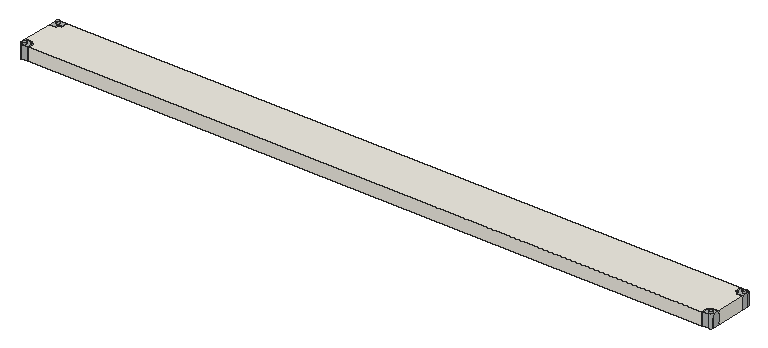
Revit family "HIGHTECH", category Осветительные приборы, Revit 2019 (continued)
Types (32, lengths in mm): name | Файл фотометрической сетки | built-in parameter 1150105 | Lumens | built-in parameter 1150106 | built-in parameter 1150142 | Wattage | Emit from Rectangle Width | Emit from Rectangle Length | Длина | Ширина | ADSK_Ток | ADSK_Полная мощность | ADSK_Обозначение | ADSK_Номинальная мощность | ADSK_Наименование | ADSK_Масса | ADSK_Код изделия
    8 0.098 0.098 0.098 0.098 0.098 0.098 0.000 0.000 0.000 0.000 \r\n1417.637 1417.044 1413.295 1407.474 1398.890 1388.135 1374.815 1358.437 1340.184 1319.661 1296.869 1271.808 1244.971 1216.258 1185.673 1153.507 1120.158 1085.131 \r\n1048.823 1011.329 973.046 933.284 893.127 851.884 810.741 768.314 725.888 683.165 639.752 596.240 552.728 509.019 465.902 422.686 379.371 337.044 295.505 254.757 215.388 176.909 \r\n138.232 103.698 70.942 40.157 12.136 0.592 0.592 0.592 0.493 0.493 0.493 0.493 0.493 0.493 0.493 0.395 0.395 0.395 0.395 0.395 0.395 0.395 0.395 0.296 0.296 0.296 0.296 0.296 0.296 0.296 0.296 0.197 \r\n0.197 0.197 0.197 0.197 0.197 0.197 0.197 0.098 0.098 0.098 0.098 0.098 0.098 0.098 0.098 0.000 0.000 0.000 0.000 \r\n1417.637 1416.946 1413.197 1407.376 1398.693 1387.839 1374.520 1358.042 1339.789 1319.168 1296.376 1271.315 1244.477 1215.765 1185.179 1152.915 1119.566 1084.539 \r\n1048.230 1010.638 972.356 932.594 892.436 851.194 810.050 767.623 725.197 682.474 639.160 595.649 552.038 508.427 465.310 422.094 378.878 336.550 295.111 254.362 214.895 176.514 \r\n137.935 103.403 70.744 39.960 11.939 0.592 0.592 0.592 0.493 0.493 0.493 0.493 0.493 0.493 0.493 0.395 0.395 0.395 0.395 0.395 0.395 0.395 0.395 0.296 0.296 0.296 0.296 0.296 0.296 0.296 0.296 0.197 \r\n0.197 0.197 0.197 0.197 0.197 0.197 0.197 0.098 0.098 0.098 0.098 0.098 0.098 0.098 0.098 0.000 0.000 0.000 0.000 \r\n1417.637 1416.946 1413.098 1407.178 1398.495 1387.544 1374.223 1357.747 1339.395 1318.773 1295.882 1270.822 1243.886 1215.174 1184.587 1152.323 1118.974 1083.848 \r\n1047.540 1009.947 971.665 931.903 891.746 850.503 809.359 766.933 724.507 681.784 638.470 594.958 551.445 507.836 464.718 421.502 378.287 336.057 294.617 253.967 214.500 176.119 \r\n137.640 103.106 70.447 39.762 11.741 0.592 0.592 0.592 0.493 0.493 0.493 0.493 0.493 0.493 0.493 0.395 0.395 0.395 0.395 0.395 0.395 0.395 0.395 0.296 0.296 0.296 0.296 0.296 0.296 0.296 0.296 0.197 \r\n0.197 0.197 0.197 0.197 0.197 0.197 0.197 0.098 0.098 0.098 0.098 0.098 0.098 0.098 0.098 0.000 0.000 0.000 0.000 \r\n1417.637 1416.848 1412.999 1407.079 1398.298 1387.247 1373.829 1357.352 1339.000 1318.378 1295.488 1270.327 1243.392 1214.680 1183.995 1151.731 1118.283 1083.257 \r\n1046.849 1009.257 970.975 931.113 891.055 849.813 808.668 766.242 723.914 681.093 637.779 594.266 550.755 507.145 464.126 421.009 377.793 335.564 294.222 253.474 214.105 175.823 \r\n137.343 102.810 70.250 39.467 11.445 0.592 0.592 0.592 0.493 0.493 0.493 0.493 0.493 0.493 0.493 0.395 0.395 0.395 0.395 0.395 0.395 0.395 0.395 0.296 0.296 0.296 0.296 0.296 0.296 0.296 0.296 0.197 \r\n0.197 0.197 0.197 0.197 0.197 0.197 0.197 0.098 0.098 0.098 0.098 0.098 0.098 0.098 0.098 0.000 0.000 0.000 0.000 \r\n1417.637 1416.848 1412.901 1406.882 1398.002 1387.051 1373.533 1356.957 1338.605 1317.983 1294.994 1269.834 1242.899 1214.089 1183.403 1151.041 1117.692 1082.665 \r\n1046.257 1008.566 970.284 930.423 890.266 849.121 807.978 765.552 723.224 680.403 637.187 593.675 550.163 506.553 463.534 420.416 377.300 335.071 293.729 253.079 213.712 175.429 \r\n136.949 102.515 69.954 39.269 11.248 0.592 0.592 0.592 0.493 0.493 0.493 0.493 0.493 0.493 0.493 0.395 0.395 0.395 0.395 0.395 0.395 0.395 0.395 0.296 0.296 0.296 0.296 0.296 0.296 0.296 0.296 0.197 \r\n0.197 0.197 0.197 0.197 0.197 0.197 0.197 0.098 0.098 0.098 0.098 0.098 0.098 0.098 0.098 0.000 0.000 0.000 0.000 \r\n1417.637 1416.749 1412.802 1406.684 1397.805 1386.754 1373.237 1356.661 1338.210 1317.589 1294.599 1269.341 1242.406 1213.496 1182.811 1150.448 1117.099 1081.974 \r\n1045.566 1007.974 969.593 929.732 889.575 848.333 807.287 764.861 722.533 679.712 636.496 592.985 549.472 505.960 462.942 419.825 376.707 334.577 293.236 252.684 213.317 175.034 \r\n136.652 102.218 69.659 39.072 11.051 0.592 0.592 0.592 0.493 0.493 0.493 0.493 0.493 0.493 0.493 0.395 0.395 0.395 0.395 0.395 0.395 0.395 0.395 0.296 0.296 0.296 0.296 0.296 0.296 0.296 0.296 0.197 \r\n0.197 0.197 0.197 0.197 0.197 0.197 0.197 0.098 0.098 0.098 0.098 0.098 0.098 0.098 0.098 0.000 0.000 0.000 0.000 \r\n1417.637 1416.749 1412.704 1406.586 1397.607 1386.458 1372.941 1356.266 1337.815 1317.095 1294.106 1268.848 1241.813 1213.003 1182.219 1149.856 1116.409 1081.382 \r\n1044.876 1007.283 968.902 929.042 888.885 847.642 806.597 764.170 721.843 679.120 635.806 592.293 548.881 505.368 462.351 419.332 376.214 334.084 292.841 252.191 212.922 174.738 \r\n136.357 101.922 69.461 38.776 10.853 0.592 0.592 0.592 0.493 0.493 0.493 0.493 0.493 0.493 0.493 0.395 0.395 0.395 0.395 0.395 0.395 0.395 0.395 0.296 0.296 0.296 0.296 0.296 0.296 0.296 0.296 0.197 \r\n0.197 0.197 0.197 0.197 0.197 0.197 0.197 0.098 0.098 0.098 0.098 0.098 0.098 0.098 0.098 0.000 0.000 0.000 0.000 \r\n1417.637 1416.650 1412.604 1406.389 1397.311 1386.162 1372.546 1355.871 1337.421 1316.701 1293.613 1268.355 1241.320 1212.411 1181.627 1149.265 1115.816 1080.691 \r\n1044.284 1006.593 968.212 928.351 888.194 846.951 805.906 763.479 721.151 678.429 635.213 591.702 548.190 504.777 461.758 418.740 375.721 333.591 292.348 251.796 212.527 174.343 \r\n135.962 101.627 69.165 38.579 10.557 0.592 0.592 0.592 0.493 0.493 0.493 0.493 0.493 0.493 0.493 0.395 0.395 0.395 0.395 0.395 0.395 0.395 0.395 0.296 0.296 0.296 0.296 0.296 0.296 0.296 0.296 0.197 \r\n0.197 0.197 0.197 0.197 0.197 0.197 0.197 0.098 0.098 0.098 0.098 0.098 0.098 0.098 0.098 0.000 0.000 0.000 0.000 \r\n1417.637 1416.650 1412.506 1406.191 1397.114 1385.866 1372.250 1355.576 1337.027 1316.307 1293.218 1267.861 1240.827 1211.918 1181.035 1148.672 1115.225 1080.099 \r\n1043.593 1005.902 967.620 927.660 887.503 846.260 805.215 762.789 720.461 677.739 634.523 591.011 547.598 504.086 461.166 418.247 375.129 333.098 291.855 251.401 212.132 173.948 \r\n135.666 101.429 68.968 38.381 10.360 0.592 0.592 0.592 0.493 0.493 0.493 0.493 0.493 0.493 0.493 0.493 0.395 0.395 0.395 0.395 0.395 0.395 0.395 0.296 0.296 0.296 0.296 0.296 0.296 0.296 0.296 0.197 \r\n0.197 0.197 0.197 0.197 0.197 0.197 0.197 0.098 0.098 0.098 0.098 0.098 0.098 0.098 0.098 0.000 0.000 0.000 0.000 \r\n1417.637 1416.650 1412.407 1406.093 1396.917 1385.669 1371.954 1355.181 1336.632 1315.912 1292.725 1267.368 1240.334 1211.325 1180.443 1147.982 1114.633 1079.409 \r\n1042.903 1005.212 966.929 926.969 886.812 845.569 804.524 762.098 719.770 677.048 633.832 590.320 546.907 503.494 460.574 417.654 374.636 332.603 291.460 250.908 211.738 173.653 \r\n135.371 101.133 68.671 38.086 10.163 0.592 0.592 0.592 0.493 0.493 0.493 0.493 0.493 0.493 0.493 0.493 0.395 0.395 0.395 0.395 0.395 0.395 0.395 0.296 0.296 0.296 0.296 0.296 0.296 0.296 0.296 0.197 \r\n0.197 0.197 0.197 0.197 0.197 0.197 0.197 0.098 0.098 0.098 0.098 0.098 0.098 0.098 0.098 0.000 0.000 0.000 0.000 \r\n1417.637 1416.551 1412.309 1405.895 1396.621 1385.373 1371.559 1354.786 1336.237 1315.419 1292.232 1266.875 1239.742 1210.733 1179.851 1147.390 1113.942 1078.816 \r\n1042.310 1004.521 966.238 926.279 886.121 844.879 803.834 761.408 719.080 676.357 633.240 589.728 546.315 502.902 459.982 417.062 374.043 332.110 290.967 250.513 211.343 173.258 \r\n135.074 100.837 68.376 37.888 9.965 0.592 0.592 0.592 0.493 0.493 0.493 0.493 0.493 0.493 0.493 0.493 0.395 0.395 0.395 0.395 0.395 0.395 0.395 0.296 0.296 0.296 0.296 0.296 0.296 0.296 0.296 0.197 \r\n0.197 0.197 0.197 0.197 0.197 0.197 0.197 0.098 0.098 0.098 0.098 0.098 0.098 0.098 0.098 0.000 0.000 0.000 0.000 \r\n1417.637 1416.551 1412.111 1405.796 1396.423 1385.077 1371.264 1354.391 1335.842 1315.024 1291.837 1266.382 1239.248 1210.240 1179.259 1146.798 1113.350 1078.126 \r\n1041.620 1003.831 965.548 925.588 885.431 844.090 803.143 760.717 718.389 675.666 632.549 589.038 545.723 502.310 459.390 416.569 373.550 331.617 290.474 250.119 210.948 172.863 \r\n134.679 100.541 68.178 37.591 9.669 0.592 0.592 0.592 0.493 0.493 0.493 0.493 0.493 0.493 0.493 0.493 0.395 0.395 0.395 0.395 0.395 0.395 0.395 0.296 0.296 0.296 0.296 0.296 0.296 0.296 0.296 0.197 \r\n0.197 0.197 0.197 0.197 0.197 0.197 0.197 0.098 0.098 0.098 0.098 0.098 0.098 0.098 0.098 0.000 0.000 0.000 0.000 \r\n1417.637 1416.453 1412.013 1405.600 1396.226 1384.781 1370.968 1354.095 1335.448 1314.629 1291.344 1265.888 1238.754 1209.648 1178.667 1146.206 1112.758 1077.534 \r\n1040.929 1003.140 964.857 924.898 884.740 843.400 802.453 760.026 717.698 674.976 631.859 588.446 545.032 501.718 458.798 415.977 373.057 331.124 290.079 249.625 210.553 172.567 \r\n134.383 100.245 67.883 37.394 9.472 0.592 0.592 0.592 0.493 0.493 0.493 0.493 0.493 0.493 0.493 0.493 0.395 0.395 0.395 0.395 0.395 0.395 0.395 0.296 0.296 0.296 0.296 0.296 0.296 0.296 0.296 0.197 \r\n0.197 0.197 0.197 0.197 0.197 0.197 0.197 0.098 0.098 0.098 0.098 0.098 0.098 0.098 0.098 0.000 0.000 0.000 0.000 \r\n1417.637 1416.453 1411.914 1405.402 1395.930 1384.583 1370.671 1353.701 1335.053 1314.234 1290.850 1265.395 1238.261 1209.155 1178.075 1145.515 1112.067 1076.844 \r\n1040.239 1002.548 964.167 924.207 883.951 842.708 801.762 759.336 717.008 674.383 631.267 587.755 544.441 501.126 458.206 415.385 372.465 330.631 289.585 249.231 210.160 172.172 \r\n134.088 99.949 67.685 37.198 9.275 0.592 0.592 0.592 0.493 0.493 0.493 0.493 0.493 0.493 0.493 0.493 0.395 0.395 0.395 0.395 0.395 0.395 0.395 0.296 0.296 0.296 0.296 0.296 0.296 0.296 0.296 0.197 \r\n0.197 0.197 0.197 0.197 0.197 0.197 0.197 0.098 0.098 0.098 0.098 0.098 0.098 0.098 0.098 0.000 0.000 0.000 0.000 \r\n1417.637 1416.354 1411.816 1405.303 1395.733 1384.288 1370.276 1353.307 1334.658 1313.741 1290.456 1264.901 1237.669 1208.563 1177.582 1144.923 1111.476 1076.252 \r\n1039.646 1001.857 963.476 923.417 883.260 842.018 801.072 758.644 716.317 673.693 630.576 587.064 543.749 500.435 457.614 414.891 371.972 330.137 289.191 248.836 209.765 171.778 \r\n133.693 99.653 67.389 36.901 9.077 0.592 0.592 0.592 0.493 0.493 0.493 0.493 0.493 0.493 0.493 0.493 0.395 0.395 0.395 0.395 0.395 0.395 0.395 0.296 0.296 0.296 0.296 0.296 0.296 0.296 0.296 0.197 \r\n0.197 0.197 0.197 0.197 0.197 0.197 0.197 0.098 0.098 0.098 0.098 0.098 0.098 0.098 0.098 0.000 0.000 0.000 0.000 \r\n" | 25.582 W | 255 | 1155 | 1195 | 295 | 0.179584 A | 41.3043 VA | "Hightech-38/opal-sand 295х1195 (IP40, 4000К, белый)" | 38 W | "Универсальный светодиодный светильник Hightech-38/opal-sand 295х1195 (IP40, 4000К, белый) c БАП на 1 час" | 2.5 | "ЦБ000007608"
